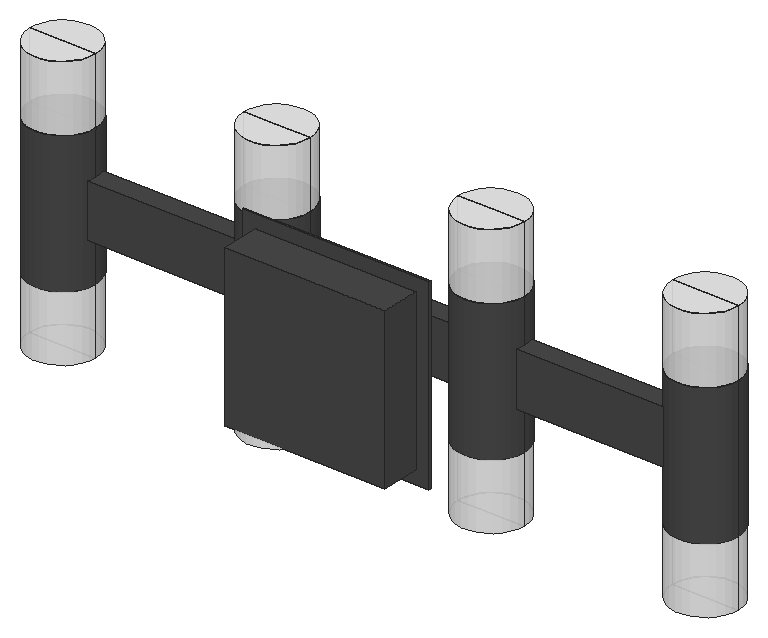
Revit family "3-597-15 Alarum", category Luminarias, Revit 2021
Family settings
  Anfitrión = Muro
  Cota de conector redondo = Diámetro de uso
  Tipo de pieza = Normal
  Número OmniClass = 23.80.70.00
  Título OmniClass = Lighting
  Siempre vertical = Sí
  Corte con vacíos al cargar = No
  Origen de luz = Sí
  Compartido = No
  Punto de cálculo de habitación = No
Parameters (values of type "3-597-15 / Black - Matte White Acrylic")
  Elevación por defecto = 0.00"
  Comentarios de vataje = "1 x 29.20 W at 120 V"  # constant formula
  Wattage = 29.2 W
  built-in parameter 1150110 = 1 (stored number, unit not read)
  Voltage Input = "120 V or 277 V - 50/60 Hz"  # constant formula
  Voltage = 120 V
  URL = "www.oxygenlighting.com"
  built-in parameter 1114217 = 1 (stored number, unit not read)
  Tilt Angle = 0.00°  # constant formula
  built-in parameter 1150109 = 1 (stored number, unit not read)
  built-in parameter 1150134 = (empty or 0)
  built-in parameter 1150113 = 1 (stored number, unit not read)
  References = "Ref. 3 = 120 V / Ref. 37 = 277 V"  # constant formula
  Archivo de red fotométrica = "3-597-15 Alarum.ies"
  Modelo = "3-XX-xx / Alarum"  # constant formula
  Metal Finish = 15 - Black
  Fabricante = "Oxygen Lighting and Fans"  # constant formula
  Lumens = 1471.68 lm
  built-in parameter 1150115 = 1 (stored number, unit not read)
  built-in parameter 1150105 = 117.11 (stored number, unit not read)
  built-in parameter 1150137 = (empty or 0)
  built-in parameter 1150139 = (empty or 0)
  built-in parameter 1150112 = 1 (stored number, unit not read)
  built-in parameter 1150114 = 1 (stored number, unit not read)
  Lámpara = "LED Array"  # constant formula
  built-in parameter 1150132 = (empty or 0)
  built-in parameter 1150102 = (empty or 0)
  built-in parameter 1150138 = (empty or 0)
  built-in parameter 1150107 = 3000 (stored number, unit not read)
  built-in parameter 1150106 = 1.1711 (stored number, unit not read)
  built-in parameter 1150104 = 4.6823 (stored number, unit not read)
  Dimming Lamp Color Temperature Shift = (empty or 0)
  Diffusers = Matte White Acrylic
  Color Filter = 16777215
  built-in parameter 1114218 = 1 (stored number, unit not read)
  built-in parameter 1150133 = 10 (stored number, unit not read)
Types (2): name | Metal Finish
  3-597-15 / Black - Matte White Acrylic | 15 - Black
  3-597-24 / Satin Nickel - Matte White Acrylic | 24 - Satin Nickel
Reference planes (in)
  plane 1: y = 0
  plane 2 "Light Source Axis (L/R)": x = 4.92126
  plane 3 "Light Source Axis (F/R)": y = 7.29776
  plane 4 "Light Source Elevation": z = 37
  plane 5: y = 2.95276
  plane 6: z = 39.75
Text (in)
  text "Placement side" at (-70.3598, 43.96769, 0), in view "Ref. Level"
  text "Placement side" at (0, 83.08644, 117.56134), in view "Left"
  text "Placement side" at (0, 24.74324, 118.58137), in view "Right"
Dimensions and locks (in)
  locked: plane 3 "Light Source Axis (F/R)" to plane 5 at 4.345
  locked: plane 6 to plane 4 "Light Source Elevation" at 2.75
  aligned and locked: plane 1 to host wall
  aligned and locked: plane 5 to host wall
  aligned and locked: plane 5 to nested 1
  aligned and locked: plane 3 "Light Source Axis (F/R)" to imposter light
  aligned and locked: nested 1 to plane 4 "Light Source Elevation"
  aligned and locked: plane 6 to imposter light
Nested families (in)
  nested 1: "Family2" at (4.92126, 2.95276, 39.75591) x (-1, 0, 0) z (0, 0, 1), type "Family2"
Definition of nested family "Family2"
  Parameters (values of type "Family2")
    Metal Finish 2 = none
    Metal Finish 1 = none
    Height = 10.00"
    Default Elevation = 0.00"
    Diffuser = none
  Reference planes (in)
    plane 1 "Center (Front/Back)": y = 0
    plane 2: z = 0
    plane 3 "Center (Left/Right)": x = 0
  Forms (in)
    Extrusion 1, solid, material <- "Metal Finish 1"
      sketch origin (0, 0, 0) x (1, 0, 0) y (0, 0, 1)
        loop
          line (-2.3622, 2.3622) -> (-2.3622, -2.3622) -> (2.3622, -2.3622) -> (2.3622, 2.3622) -> (-2.3622, 2.3622)
      from 1.15 to 0
    Extrusion 2, solid, material <- "Metal Finish 1"
      sketch origin (0, 0, 0) x (1, 0, 0) y (0, 0, 1)
        loop
          line (-2.75591, 2.75591) -> (-2.75591, -2.75591) -> (2.75591, -2.75591) -> (2.75591, 2.75591) -> (-2.75591, 2.75591)
      from 1.15 to 1.22
    Revolve 3, solid, material <- "Diffuser"
      sketch origin (-9.50787, -2.95298, 0) x (1, 0, 0) y (0, 0, 1)
        loop
          line (0, 4.03543) -> (0, 2.06693) -> (0.98425, 2.06693) -> (0.98425, 4.03543) -> (0, 4.03543)
        loop
          line (0.98425, -2.06693) -> (0, -2.06693) -> (0, -4.03543) -> (0.98425, -4.03543) -> (0.98425, -2.06693)
        axis (0, 4.03543) -> (0, -4.03543)
      angle from 0 to 360
    Revolve 4, solid, material <- "Metal Finish 1"
      sketch origin (-9.50787, -2.95298, 0) x (1, 0, 0) y (0, 0, 1)
        loop
          line (0, 2.06693) -> (0, -2.06693) -> (0.98425, -2.06693) -> (0.98425, 2.06693) -> (0, 2.06693)
        axis (0, 2.06693) -> (0, -2.06693)
      angle from 0 to 360
    Extrusion 5, solid, material <- "Metal Finish 1"
      sketch origin (0, 0, 0) x (1, 0, 0) y (0, 1, 0)
        loop
          line (-0.29528, -1.22) -> (-0.29528, -2.6577) -> (-8.79884, -2.6577) -> (-8.79884, -3.24825) -> (8.83367, -3.24825) -> (8.83367, -2.6577) -> (0.29528, -2.6577) -> (0.29528, -1.22) -> (-0.29528, -1.22)
      from -0.7874 to 0.7874
    Revolve 6, solid, material <- "Diffuser"
      sketch origin (3.17026, -2.95298, 0) x (1, 0, 0) y (0, 0, 1)
        loop
          line (0, 4.03543) -> (0, 2.06693) -> (0.98425, 2.06693) -> (0.98425, 4.03543) -> (0, 4.03543)
        loop
          line (0.98425, -2.06693) -> (0, -2.06693) -> (0, -4.03543) -> (0.98425, -4.03543) -> (0.98425, -2.06693)
        axis (0, 4.03543) -> (0, -4.03543)
      angle from 0 to 360
    Revolve 7, solid, material <- "Metal Finish 1"
      sketch origin (3.17026, -2.95298, 0) x (1, 0, 0) y (0, 0, 1)
        loop
          line (0, 2.06693) -> (0, -2.06693) -> (0.98425, -2.06693) -> (0.98425, 2.06693) -> (0, 2.06693)
        axis (0, 2.06693) -> (0, -2.06693)
      angle from 0 to 360
    Revolve 8, solid, material <- "Diffuser"
      sketch origin (-3.17026, -2.95298, 0) x (1, 0, 0) y (0, 0, 1)
        loop
          line (0, 4.03543) -> (0, 2.06693) -> (0.98425, 2.06693) -> (0.98425, 4.03543) -> (0, 4.03543)
        loop
          line (0.98425, -2.06693) -> (0, -2.06693) -> (0, -4.03543) -> (0.98425, -4.03543) -> (0.98425, -2.06693)
        axis (0, 4.03543) -> (0, -4.03543)
      angle from 0 to 360
    Revolve 9, solid, material <- "Metal Finish 1"
      sketch origin (-3.17026, -2.95298, 0) x (1, 0, 0) y (0, 0, 1)
        loop
          line (0, 2.06693) -> (0, -2.06693) -> (0.98425, -2.06693) -> (0.98425, 2.06693) -> (0, 2.06693)
        axis (0, 2.06693) -> (0, -2.06693)
      angle from 0 to 360
    Revolve 10, solid, material <- "Diffuser"
      sketch origin (9.50787, -2.95298, 0) x (1, 0, 0) y (0, 0, 1)
        loop
          line (0, 4.03543) -> (0, 2.06693) -> (0.98425, 2.06693) -> (0.98425, 4.03543) -> (0, 4.03543)
        loop
          line (0.98425, -2.06693) -> (0, -2.06693) -> (0, -4.03543) -> (0.98425, -4.03543) -> (0.98425, -2.06693)
        axis (0, 4.03543) -> (0, -4.03543)
      angle from 0 to 360
    Revolve 11, solid, material <- "Metal Finish 1"
      sketch origin (9.50787, -2.95298, 0) x (1, 0, 0) y (0, 0, 1)
        loop
          line (0, 2.06693) -> (0, -2.06693) -> (0.98425, -2.06693) -> (0.98425, 2.06693) -> (0, 2.06693)
        axis (0, 2.06693) -> (0, -2.06693)
      angle from 0 to 360
  Cuts and joins
    joined: Revolve 4, Extrusion 5, Revolve 7, Revolve 9, Revolve 11
  Dimensions and locks (in)
    aligned and locked: level to plane 2
